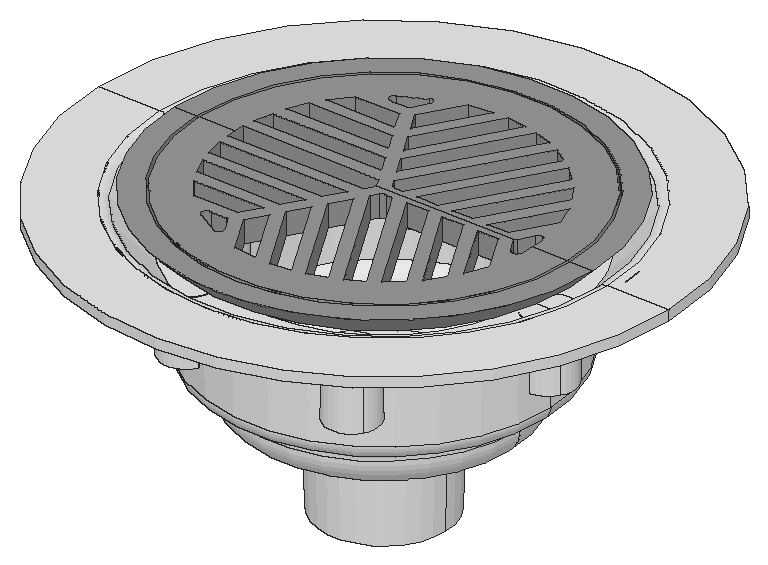
Revit family "3100.174 Deck Drain Bottom Exit 100x50", category Plumbing Fixtures, Revit 2020
Family settings
  Round Connector Dimension = Use Diameter
  Part Type = Normal
  Work Plane-Based = No
  Always vertical = Yes
  Cut with Voids When Loaded = No
  Shared = No
  Room Calculation Point = No
Parameters (values of type "3100.174 100X50")
  Waste Connection = yes
  Vent Connection = no
  URL = "www.aquaknight.co.nz"
  Phone = "+6498322214"  # constant formula
  Model = "3100.174"
  Manufacturer = "Aquanight Industries Ltd"  # constant formula
  HW Connection = no
  Email = "info@aquaknight.co.nz"  # constant formula
  Description = "Deck Drain Bottom Exit 100mm Inlet w 50mm Outlet Big Flange"
  Default Elevation = 0 mm
  CW Connection = no
Reference planes
  plane 1 "Center (Front/Back)": y = 0
  plane 2: z = 0
  plane 3 "Center (Left/Right)": x = 0
  plane 4: z = -94.136
Forms (mm)
  Revolve 1, solid, material "PVC-Piping"
    sketch origin (-2.137, 0, 1.044) x (1, 0, 0) y (0, 0, 1)
      loop
        line (-87.727, -5.044) -> (-75.98, -17.642) -> (-75.98, -20.801)
        arc (-75.98, -20.801) -> (-74.992, -23.186) -> (-72.607, -24.174) r 3.373
        line (-72.607, -24.174) -> (-65.619, -24.174) -> (-65.137, -53.24)
        arc (-65.137, -53.24) -> (-63.332, -57.433) -> (-59.099, -59.143) r 6.002
        arc (-59.099, -59.143) -> (-54.852, -60.869) -> (-53.063, -65.091) r 6
        arc (-53.063, -65.091) -> (-49.875, -73.132) -> (-42.109, -76.94) r 12
        line (-42.109, -76.94) -> (-25.165, -78.423)
        arc (-25.165, -78.423) -> (-24.072, -78.954) -> (-23.613, -80.08) r 1.701
        line (-23.613, -80.08) -> (-22.897, -112.581) -> (-18.924, -112.581) -> (-19.34, -80.338)
        arc (-19.34, -80.338) -> (-20.942, -76.333) -> (-24.816, -74.438) r 6
        line (-24.816, -74.438) -> (-41.761, -72.956)
        arc (-41.761, -72.956) -> (-46.938, -70.417) -> (-49.063, -65.056) r 8
        arc (-49.063, -65.056) -> (-51.095, -59.101) -> (-56.281, -55.538) r 10
        line (-56.281, -55.538) -> (-56.613, -17.544) -> (-70.602, -17.544) -> (-84.53, -2.608)
        arc (-84.53, -2.608) -> (-86.165, -1.452) -> (-88.127, -1.044) r 4.918
        line (-88.127, -1.044) -> (-112.863, -1.044) -> (-112.863, -5.044) -> (-87.727, -5.044)
      axis (2.137, -1.044) -> (2.137, -112.581)
    angle from 0 to 360
  Revolve 2, solid, material "Steel, Chrome Plated"
    sketch origin (0, 0, 1.044) x (1, 0, 0) y (0, 0, 1)
      loop
        line (-75.621, -6.423) -> (0, -6.423) -> (0, 2.356) -> (-74.314, 2.356) -> (-75.328, -2.363) -> (-75.328, 2.356) -> (-84.4, 2.356) -> (-75.621, -6.423)
      axis (0, 2.356) -> (0, -6.423)
    angle from 0 to 360
  Extrusion 3, solid, material "PVC-Piping", detail levels fine
    sketch origin (-6.563, -11.367, 4) x (0.866025, -0.5, 0) y (0.5, 0.866025, 0)
      loop
        circle (0, -53.504) r 10
      loop
        circle (0, 79.754) r 10
      loop
        circle (-57.702, -20.189) r 10
      loop
        circle (57.702, 46.439) r 10
      loop
        circle (-57.702, 46.439) r 10
      loop
        circle (57.702, -20.189) r 10
    from -46.5 to -20.5
  Extrusion 4, void
    sketch origin (0, 0, 0) x (0, 1, 0) y (-1, 0, 0)
      loop
        line (43.05, 22.084) -> (35.55, 17.754) -> (59.886, 3.703)
        arc (59.886, 3.703) -> (59.402, 8.447) -> (58.544, 13.138) r 60
        line (58.544, 13.138) -> (43.05, 22.084)
      loop
        line (30.75, 14.982) -> (23.25, 10.652) -> (59.148, -10.074)
        arc (59.148, -10.074) -> (59.7, -5.995) -> (59.97, -1.888) r 60
        line (59.97, -1.888) -> (30.75, 14.982)
      loop
        line (18.45, 7.881) -> (10.95, 3.551) -> (55.706, -22.289)
        arc (55.706, -22.289) -> (57.016, -18.686) -> (58.093, -15.007) r 60
        line (58.093, -15.007) -> (18.45, 7.881)
      loop
        line (6.15, 0.779) -> (3.396, -0.81)
        spline (3.396, -0.81) -> (3.249, -0.904) -> (3.112, -1.01) -> (2.983, -1.127) -> (2.866, -1.255) -> (2.76, -1.393) -> (2.667, -1.54) -> (2.587, -1.694) -> (2.52, -1.854) -> (2.468, -2.02) -> (2.43, -2.19) -> (2.408, -2.362) -> (2.4, -2.536)
        line (2.4, -2.536) -> (2.4, -5.716) -> (49.985, -33.189)
        arc (49.985, -33.189) -> (51.962, -30) -> (53.735, -26.694) r 60
        line (53.735, -26.694) -> (6.15, 0.779)
      loop
        line (47.156, -37.098) -> (2.4, -11.258) -> (2.4, -19.919) -> (42.043, -42.806)
        arc (42.043, -42.806) -> (44.691, -40.034) -> (47.156, -37.098) r 60
      loop
        line (38.298, -46.187) -> (2.4, -25.461) -> (2.4, -34.121) -> (31.62, -50.992)
        arc (31.62, -50.992) -> (35.042, -48.704) -> (38.298, -46.187) r 60
      loop
        line (26.736, -53.714) -> (2.4, -39.664) -> (2.4, -48.324) -> (17.894, -57.27)
        arc (17.894, -57.27) -> (22.385, -55.668) -> (26.736, -53.714) r 60
      loop
        line (45.45, 33.354) -> (45.45, 27.391)
        spline (45.45, 27.391) -> (45.458, 27.217) -> (45.48, 27.045) -> (45.518, 26.875) -> (45.57, 26.709) -> (45.637, 26.549) -> (45.717, 26.395) -> (45.81, 26.248) -> (45.916, 26.11) -> (46.033, 25.982) -> (46.162, 25.865) -> (46.299, 25.759) -> (46.446, 25.665)
        line (46.446, 25.665) -> (51.611, 22.684)
        arc (51.611, 22.684) -> (53.96, 22.94) -> (54.425, 25.258) r 2
        arc (54.425, 25.258) -> (51.962, 30) -> (49.086, 34.504) r 60
        arc (49.086, 34.504) -> (46.847, 35.261) -> (45.45, 33.354) r 2
      loop
        line (-43.05, 22.084) -> (-58.544, 13.138)
        arc (-58.544, 13.138) -> (-59.402, 8.447) -> (-59.886, 3.703) r 60
        line (-59.886, 3.703) -> (-35.55, 17.754) -> (-43.05, 22.084)
      loop
        line (-30.75, 14.982) -> (-59.97, -1.888)
        arc (-59.97, -1.888) -> (-59.7, -5.995) -> (-59.148, -10.074) r 60
        line (-59.148, -10.074) -> (-23.25, 10.652) -> (-30.75, 14.982)
      loop
        line (-18.45, 7.881) -> (-58.093, -15.007)
        arc (-58.093, -15.007) -> (-57.016, -18.686) -> (-55.706, -22.289) r 60
        line (-55.706, -22.289) -> (-10.95, 3.551) -> (-18.45, 7.881)
      loop
        line (-6.15, 0.779) -> (-53.735, -26.694)
        arc (-53.735, -26.694) -> (-51.962, -30) -> (-49.985, -33.189) r 60
        line (-49.985, -33.189) -> (-2.4, -5.716) -> (-2.4, -2.536)
        spline (-2.4, -2.536) -> (-2.408, -2.362) -> (-2.43, -2.19) -> (-2.468, -2.02) -> (-2.52, -1.854) -> (-2.587, -1.694) -> (-2.667, -1.54) -> (-2.76, -1.393) -> (-2.866, -1.255) -> (-2.983, -1.127) -> (-3.112, -1.01) -> (-3.249, -0.904) -> (-3.396, -0.81)
        line (-3.396, -0.81) -> (-6.15, 0.779)
      loop
        arc (-47.156, -37.098) -> (-44.691, -40.034) -> (-42.043, -42.806) r 60
        line (-42.043, -42.806) -> (-2.4, -19.919) -> (-2.4, -11.258) -> (-47.156, -37.098)
      loop
        arc (-38.298, -46.187) -> (-35.042, -48.704) -> (-31.62, -50.992) r 60
        line (-31.62, -50.992) -> (-2.4, -34.121) -> (-2.4, -25.461) -> (-38.298, -46.187)
      loop
        arc (-26.736, -53.714) -> (-22.385, -55.668) -> (-17.894, -57.27) r 60
        line (-17.894, -57.27) -> (-2.4, -48.324) -> (-2.4, -39.664) -> (-26.736, -53.714)
      loop
        line (40.65, 26.241) -> (40.65, 44.131)
        arc (40.65, 44.131) -> (37.017, 47.22) -> (33.15, 50.011) r 60
        line (33.15, 50.011) -> (33.15, 21.91) -> (40.65, 26.241)
      loop
        line (28.35, 19.139) -> (28.35, 52.88)
        arc (28.35, 52.88) -> (24.658, 54.699) -> (20.85, 56.261) r 60
        line (20.85, 56.261) -> (20.85, 14.809) -> (28.35, 19.139)
      loop
        line (16.05, 12.038) -> (16.05, 57.813)
        arc (16.05, 57.813) -> (12.325, 58.72) -> (8.55, 59.388) r 60
        line (8.55, 59.388) -> (8.55, 7.708) -> (16.05, 12.038)
      loop
        line (3.75, 4.936) -> (3.75, 59.883)
        arc (3.75, 59.883) -> (0, 60) -> (-3.75, 59.883) r 60
        line (-3.75, 59.883) -> (-3.75, 4.936) -> (-0.996, 3.346)
        spline (-0.996, 3.346) -> (-0.842, 3.266) -> (-0.681, 3.2) -> (-0.516, 3.147) -> (-0.346, 3.11) -> (-0.174, 3.087) -> (0, 3.079) -> (0.174, 3.087) -> (0.346, 3.11) -> (0.516, 3.147) -> (0.681, 3.2) -> (0.842, 3.266) -> (0.996, 3.346)
        line (0.996, 3.346) -> (3.75, 4.936)
      loop
        arc (-8.55, 59.388) -> (-12.325, 58.72) -> (-16.05, 57.813) r 60
        line (-16.05, 57.813) -> (-16.05, 12.038) -> (-8.55, 7.708) -> (-8.55, 59.388)
      loop
        arc (-20.85, 56.261) -> (-24.658, 54.699) -> (-28.35, 52.88) r 60
        line (-28.35, 52.88) -> (-28.35, 19.139) -> (-20.85, 14.809) -> (-20.85, 56.261)
      loop
        arc (-33.15, 50.011) -> (-37.017, 47.22) -> (-40.65, 44.131) r 60
        line (-40.65, 44.131) -> (-40.65, 26.241) -> (-33.15, 21.91) -> (-33.15, 50.011)
      loop
        line (-51.611, 22.684) -> (-46.446, 25.665)
        spline (-46.446, 25.665) -> (-46.299, 25.759) -> (-46.162, 25.865) -> (-46.033, 25.982) -> (-45.916, 26.11) -> (-45.81, 26.248) -> (-45.717, 26.395) -> (-45.637, 26.549) -> (-45.57, 26.709) -> (-45.518, 26.875) -> (-45.48, 27.045) -> (-45.458, 27.217) -> (-45.45, 27.391)
        line (-45.45, 27.391) -> (-45.45, 33.354)
        arc (-45.45, 33.354) -> (-46.847, 35.261) -> (-49.086, 34.504) r 2
        arc (-49.086, 34.504) -> (-51.962, 30) -> (-54.425, 25.258) r 60
        arc (-54.425, 25.258) -> (-53.96, 22.94) -> (-51.611, 22.684) r 2
      loop
        line (6.161, -56.038) -> (0.996, -53.056)
        spline (0.996, -53.056) -> (0.842, -52.976) -> (0.681, -52.909) -> (0.516, -52.857) -> (0.346, -52.819) -> (0.174, -52.797) -> (0, -52.789) -> (-0.174, -52.797) -> (-0.346, -52.819) -> (-0.516, -52.857) -> (-0.681, -52.909) -> (-0.842, -52.976) -> (-0.996, -53.056)
        line (-0.996, -53.056) -> (-6.161, -56.038)
        arc (-6.161, -56.038) -> (-7.114, -58.201) -> (-5.338, -59.762) r 2
        arc (-5.338, -59.762) -> (0, -60) -> (5.338, -59.762) r 60
        arc (5.338, -59.762) -> (7.114, -58.201) -> (6.161, -56.038) r 2
    from -10.558 to 12.361
Cuts and joins
  Extrusion 4 cuts Revolve 2
Lines and regions (mm)
  Masking region 1
    outline origin (0, 0, 0) x (0, 1, 0) y (-1, 0, 0)
      loop
        circle (0, 0) r 115
  symbolic lines, detail levels fine
    curve 1: circle (-53.5, 92.665, 0) r 4.5 normal (0, 0, 1)
    curve 2: circle (53.5, 92.665, 0) r 4.5 normal (0, 0, 1)
    curve 3: circle (107, 0, 0) r 4.5 normal (0, 0, 1)
    curve 4: circle (53.5, -92.665, 0) r 4.5 normal (0, 0, 1)
    curve 5: circle (-53.5, -92.665, 0) r 4.5 normal (0, 0, 1)
    curve 6: circle (-107, 0, 0) r 4.5 normal (0, 0, 1)
  model lines, detail levels fine
    curve 7: circle (-107, 0, 0) r 4.5 normal (0, 0, 1)
    curve 8: circle (-53.5, -92.665, 0) r 4.5 normal (0, 0, 1)
    curve 9: circle (53.5, -92.665, 0) r 4.5 normal (0, 0, 1)
    curve 10: circle (107, 0, 0) r 4.5 normal (0, 0, 1)
    curve 11: circle (53.5, 92.665, 0) r 4.5 normal (0, 0, 1)
    curve 12: circle (-53.5, 92.665, 0) r 4.5 normal (0, 0, 1)
  symbolic lines, detail levels medium+fine
    curve 13: circle (0, 0, 0) r 84.4 normal (0, 0, 1)
    curve 14: circle (0, 0, 0) r 75.621 normal (0, 0, 1)
    curve 15: circle (0, 0, 0) r 60 normal (0, 0, 1)
Dimensions and locks
  locked: level to plane 4 at 94.136
  locked: connector elem to plane 3 "Center (Left/Right)"
  locked: connector elem to plane 1 "Center (Front/Back)"
  aligned and locked: level to plane 2
Automatic sketch dimensions
  Revolve 2 sketch curve to plane 3 "Center (Left/Right)" = 0 mm  (x2)
  level to Revolve 2 sketch curve = 3.4 mm  (x2)
  Revolve 2 sketch curve to plane 3 "Center (Left/Right)" = 74.314 mm
  Revolve 2 sketch curve to Revolve 2 sketch curve = 1.014 mm
  Revolve 2 sketch curve to Revolve 2 sketch curve = 0.294 mm
  Revolve 2 sketch curve to Revolve 2 sketch curve = 9.072 mm
  Revolve 2 sketch curve to level = 1.319 mm
  Revolve 2 sketch curve to Revolve 2 sketch curve = 4.06 mm
  Revolve 2 sketch curve to Revolve 2 sketch curve = 11.104 mm
  Revolve 2 sketch curve to Revolve 2 sketch curve = 11.042 mm
  Revolve 1 sketch curve to Revolve 1 sketch curve = 0 mm  (x5)
  Revolve 1 sketch curve to level = 0 mm
  Revolve 1 sketch curve to plane 3 "Center (Left/Right)" = 0 mm
  Revolve 1 sketch curve to plane 3 "Center (Left/Right)" = 21.061 mm
  Revolve 1 sketch curve to plane 3 "Center (Left/Right)" = 21.477 mm
  Revolve 1 sketch curve to Revolve 1 sketch curve = 3.973 mm
  Revolve 1 sketch curve to Revolve 1 sketch curve = 4.273 mm
  Revolve 1 sketch curve to Revolve 1 sketch curve = 1.204 mm
  Revolve 1 sketch curve to Revolve 1 sketch curve = 1.552 mm
  Revolve 1 sketch curve to Revolve 1 sketch curve = 1.7 mm
  Revolve 1 sketch curve to Revolve 1 sketch curve = 0.026 mm
  Revolve 1 sketch curve to Revolve 1 sketch curve = 16.247 mm
  Revolve 1 sketch curve to Revolve 1 sketch curve = 0.697 mm
  Revolve 1 sketch curve to Revolve 1 sketch curve = 0.349 mm
  Revolve 1 sketch curve to Revolve 1 sketch curve = 15.218 mm
  Revolve 1 sketch curve to level = 16.5 mm
  Revolve 1 sketch curve to Revolve 1 sketch curve = 0.332 mm
  Revolve 1 sketch curve to Revolve 1 sketch curve = 2.781 mm
  Revolve 1 sketch curve to Revolve 1 sketch curve = 2.854 mm
  Revolve 1 sketch curve to Revolve 1 sketch curve = 6.002 mm
  Revolve 1 sketch curve to level = 23.13 mm
  Revolve 1 sketch curve to Revolve 1 sketch curve = 9.006 mm
  Revolve 1 sketch curve to Revolve 1 sketch curve = 4.983 mm
  Revolve 1 sketch curve to Revolve 1 sketch curve = 2.005 mm
  Revolve 1 sketch curve to level = 16.598 mm
  Revolve 1 sketch curve to Revolve 1 sketch curve = 3.373 mm
  Revolve 1 sketch curve to level = 1.564 mm
  Revolve 1 sketch curve to Revolve 1 sketch curve = 8.55 mm
  Revolve 1 sketch curve to level = 4 mm
  Revolve 1 sketch curve to Revolve 1 sketch curve = 3.198 mm
  Revolve 1 sketch curve to Revolve 1 sketch curve = 0.399 mm
  Revolve 1 sketch curve to Revolve 1 sketch curve = 24.736 mm
  Revolve 1 sketch curve to Revolve 1 sketch curve = 0.099 mm
  Revolve 1 sketch curve to Revolve 1 sketch curve = 2.397 mm
  Revolve 1 sketch curve to Revolve 1 sketch curve = 9.448 mm
  Revolve 1 sketch curve to Revolve 1 sketch curve = 6 mm
  Revolve 1 sketch curve to Revolve 1 sketch curve = 7.97 mm
  Revolve 1 sketch curve to Revolve 1 sketch curve = 1.482 mm
  Revolve 1 sketch curve to Revolve 1 sketch curve = 3.985 mm  (x2)
  Revolve 1 sketch curve to Revolve 1 sketch curve = 1.657 mm
  Revolve 1 sketch curve to Revolve 1 sketch curve = 0.258 mm
  Revolve 1 sketch curve to Revolve 1 sketch curve = 32.243 mm
  level to Revolve 1 sketch curve = 2.639 mm
  Revolve 1 sketch curve to Revolve 1 sketch curve = 35 mm
  plane 1 "Center (Front/Back)" to Extrusion 3 sketch curve = 0 mm  (x2)
  Extrusion 3 sketch curve to Extrusion 3 sketch curve = 33.314 mm  (x3)
  Extrusion 3 sketch curve to plane 3 "Center (Left/Right)" = 66.629 mm
  Extrusion 3 sketch curve to Extrusion 3 sketch curve = 0 mm
  Extrusion 3 sketch curve to Extrusion 3 sketch curve = 57.702 mm  (x4)
  Extrusion 3 sketch curve to Extrusion 3 sketch curve = 66.629 mm
  Extrusion 4 sketch curve to Revolve 1 = 0 mm  (x2)
  Revolve 1 to Extrusion 4 sketch curve = 0.996 mm  (x2)
  Revolve 1 to Extrusion 4 sketch curve = 2.4 mm  (x4)
  Extrusion 4 sketch curve to Extrusion 4 sketch curve = 0.996 mm  (x4)
  Revolve 1 to Extrusion 4 sketch curve = 3.75 mm
  Revolve 1 to Extrusion 4 sketch curve = 5.161 mm
  Extrusion 4 sketch curve to Extrusion 4 sketch curve = 2.754 mm  (x2)
  Extrusion 4 sketch curve to Extrusion 4 sketch curve = 1 mm  (x4)
  Extrusion 4 sketch curve to Extrusion 4 sketch curve = 4.8 mm  (x8)
  Extrusion 4 sketch curve to Extrusion 4 sketch curve = 2.4 mm  (x12)
  Extrusion 4 sketch curve to Extrusion 4 sketch curve = 7.5 mm  (x6)
  Extrusion 4 sketch curve to Extrusion 4 sketch curve = 11.733 mm  (x2)
  Extrusion 4 sketch curve to Extrusion 4 sketch curve = 8.842 mm  (x2)
  Extrusion 4 sketch curve to Extrusion 4 sketch curve = 4.885 mm  (x2)
  Extrusion 4 sketch curve to Extrusion 4 sketch curve = 6.678 mm  (x2)
  Extrusion 4 sketch curve to Extrusion 4 sketch curve = 3.745 mm  (x2)
  Extrusion 4 sketch curve to Extrusion 4 sketch curve = 5.113 mm  (x2)
  Extrusion 4 sketch curve to Extrusion 4 sketch curve = 2 mm  (x2)
  Extrusion 4 sketch curve to Extrusion 4 sketch curve = 2.829 mm  (x2)
  Extrusion 4 sketch curve to Extrusion 4 sketch curve = 5.164 mm  (x2)
  Extrusion 4 sketch curve to Extrusion 4 sketch curve = 3.75 mm  (x2)
  Extrusion 4 sketch curve to Extrusion 4 sketch curve = 1.971 mm  (x2)
  Extrusion 4 sketch curve to Extrusion 4 sketch curve = 2.387 mm  (x2)
  Extrusion 4 sketch curve to Extrusion 4 sketch curve = 6.933 mm  (x2)
  Extrusion 4 sketch curve to Extrusion 4 sketch curve = 1.055 mm  (x2)
  Extrusion 4 sketch curve to Extrusion 4 sketch curve = 1.342 mm  (x2)
  Extrusion 4 sketch curve to Extrusion 4 sketch curve = 0.085 mm  (x2)
  Extrusion 4 sketch curve to Revolve 1 = 0.996 mm  (x2)
  Extrusion 4 sketch curve to Revolve 1 = 2.4 mm  (x4)
  Extrusion 4 sketch curve to Revolve 1 = 3.75 mm
  Extrusion 4 sketch curve to Revolve 1 = 5.161 mm
  Extrusion 4 sketch curve to Extrusion 4 sketch curve = 0.5 mm
  Extrusion 4 sketch curve to Extrusion 4 sketch curve = 0 mm  (x8)
  Extrusion 4 sketch curve to Extrusion 4 sketch curve = 1.732 mm  (x4)
  Extrusion 4 sketch curve to Extrusion 4 sketch curve = 2.982 mm
  Extrusion 4 sketch curve to Extrusion 4 sketch curve = 4.732 mm
  Extrusion 4 sketch curve to Extrusion 4 sketch curve = 8.66 mm  (x3)
  Extrusion 4 sketch curve to Extrusion 4 sketch curve = 5.543 mm  (x3)
  Extrusion 4 sketch curve to Extrusion 4 sketch curve = 3.18 mm  (x2)
  Extrusion 4 sketch curve to Extrusion 4 sketch curve = 1.725 mm  (x4)
  Extrusion 4 sketch curve to Extrusion 4 sketch curve = 1.59 mm  (x4)
  Extrusion 4 sketch curve to Extrusion 4 sketch curve = 3.346 mm
  Extrusion 4 sketch curve to Extrusion 4 sketch curve = 2.771 mm  (x6)
  Extrusion 4 sketch curve to Extrusion 4 sketch curve = 4.157 mm  (x12)
  Extrusion 4 sketch curve to Extrusion 4 sketch curve = 4.33 mm  (x6)
  Extrusion 4 sketch curve to Extrusion 4 sketch curve = 0.6 mm  (x2)
  Extrusion 4 sketch curve to Extrusion 4 sketch curve = 3.582 mm  (x2)
  Extrusion 4 sketch curve to Extrusion 4 sketch curve = 5.963 mm  (x2)
  Extrusion 4 sketch curve to Extrusion 4 sketch curve = 0.729 mm  (x2)
  Extrusion 4 sketch curve to Extrusion 4 sketch curve = 2.008 mm  (x3)
  Extrusion 4 sketch curve to Extrusion 4 sketch curve = 0.267 mm  (x4)
  Extrusion 4 sketch curve to Extrusion 4 sketch curve = 1.011 mm
  Extrusion 4 sketch curve to Extrusion 4 sketch curve = 1.743 mm  (x2)
  curve 1 to curve 12 = 0 mm  (x2)
  curve 2 to curve 11 = 0 mm  (x2)
  curve 3 to curve 10 = 0 mm  (x2)
  curve 4 to curve 9 = 0 mm  (x2)
  curve 5 to curve 8 = 0 mm  (x2)
  curve 6 to curve 7 = 0 mm  (x2)
  curve 6 to Revolve 1 = 0 mm
  Revolve 1 to curve 3 = 0 mm
  Revolve 1 to curve 9 = 92.665 mm
  Revolve 1 to curve 5 = 92.665 mm
  curve 11 to Revolve 1 = 92.665 mm
  curve 1 to Revolve 1 = 92.665 mm
  curve 11 to curve 13 = 53.5 mm
  curve 9 to curve 13 = 53.5 mm
  curve 10 to curve 2 = 53.5 mm
  curve 13 to curve 5 = 53.5 mm
  curve 13 to curve 12 = 53.5 mm
  curve 5 to curve 6 = 53.5 mm
  radius of Extrusion 3 sketch curve = 10 mm  (x6)
  radius of Extrusion 4 sketch curve to Revolve 1 = 30.264 mm  (x24)
  radius of Masking region 1 sketch curve to Revolve 1 = 0 mm
  radius of curve 13 to Revolve 1 = 5.864 mm
  radius of curve 14 to Revolve 1 = 14.642 mm
  radius of curve 15 to Revolve 1 = 30.264 mm
  radius of curve 1 = 4.5 mm
  radius of curve 2 = 4.5 mm
  radius of curve 3 = 4.5 mm
  radius of curve 4 = 4.5 mm
  radius of curve 5 = 4.5 mm
  radius of curve 6 = 4.5 mm
  radius of curve 7 = 4.5 mm
  radius of curve 8 = 4.5 mm
  radius of curve 9 = 4.5 mm
  radius of curve 10 = 4.5 mm
  radius of curve 11 = 4.5 mm
  radius of curve 12 = 4.5 mm
Connectors
  piping at (0, 0, -94.136), diameter 50
    settings: on plane 4, index 1, connector inside diameter 609.6 mm, connector length 0 mm, flow factor 0, pipe flow 0.0 L/s, pressure drop 0.0 Pa, fitting loss kfactor 0, connector angle 0.00°, fixture units 0, engagement length 0 mm, angle of deflection 0.00°, flow configuration 0, flow direction 0, fitting loss method 0, system type 28, joint type 0, gender type 0, connector reference index -1, connector utility 0, adjustable connector no, is connector primary yes, connector description ""
